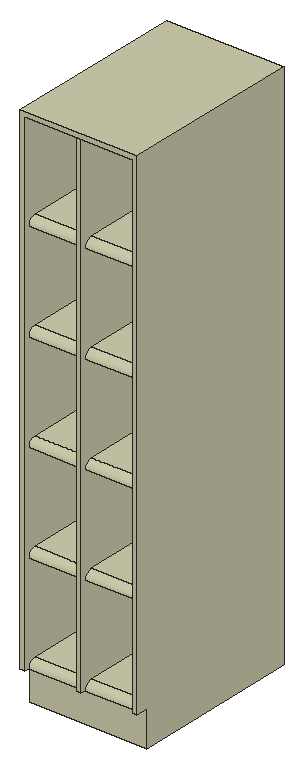
Revit family "Wenger Cabinet 23", category Furniture, Revit 2011
Parameters (values of type "Standard Cabinet #23")
  URL = "http://www.wengercorp.com/Home/Contact.html"
  Toekick Material [instance] = none
  RH End Panel [instance] = no
  Model = "23"
  Manufacturer = "Wenger Corporation"
  LH End Panel [instance] = no
  End Panel Material [instance] = none
  Edge Banding Material [instance] = none
  Door Material [instance] = none
  Description = "Standard Cabinet #23"
  Cabinet Width = 1' - 6 3/4"
  Cabinet Label = Labels : Standard
  Cabinet Height = 7' - 1 5/8"
  Cabinet Depth = 2' - 5 1/4"
  Cabinet Back Thickness = 0' - 0 3/4"
  Assembly Code = ""
Types (4): name | Model | Description | Cabinet Width | Cabinet Label | Cabinet Depth | Cabinet Back Thickness
  Standard Cabinet #23 | "23" | "Standard Cabinet #23" | 1' - 6 3/4" | Labels : Standard | 2' - 5 1/4" | 0' - 0 3/4"
  Acoustic Cabinet #23 | "23A" | "Acoustic Cabinet #23" | 1' - 6 3/4" | Labels : Acoustic | 2' - 7 3/4" | 0' - 3 1/4"
  Narrow Acoustic Cabinet #23 | "23NA" | "Narrow Acoustic Cabinet #23" | 1' - 2 3/4" | Labels : Narrow Acoustic | 2' - 7 3/4" | 0' - 3 1/4"
  Narrow Cabinet #23 | "23N" | "Narrow Cabinet #23" | 1' - 2 3/4" | Labels : Narrow | 2' - 5 1/4" | 0' - 0 3/4"
Reference planes (in)
  plane 1 "Front": y = 0
  plane 2: z = 0
  plane 3 "Left": x = 0
  plane 4 "Right": x = 18.75
  plane 5 "Back": y = 29.25
  plane 6 "Top": z = 85.625
  plane 7: z = 5.625
  plane 8: z = 21.475
  plane 9: z = 37.325
  plane 10: z = 53.175
  plane 11: z = 69.025
  plane 12: x = 0.75
  plane 13: x = 18
  plane 14: z = 84.875
  plane 15: x = 9
  plane 16: x = 9.75
  plane 17: y = 28.5
  plane 18: y = 2
  plane 19: y = 0.75
  plane 20: z = 22.6
  plane 21: z = 38.45
  plane 22: z = 54.3
  plane 23: z = 70.15
  plane 24: z = 6.75
Forms (in)
  Extrusion 1, solid, material "Wenger - Oyster"
    sketch origin (0, 0, 0) x (0, 1, 0) y (0, 0, 1)
      loop
        line (0, 85.625) -> (0, 5.625) -> (2, 5.625) -> (2, 0) -> (29.25, 0) -> (29.25, 85.625) -> (0, 85.625)
    from 0 to 18.75
  Extrusion 2, void
    sketch origin (0, 0, 0) x (0, 1, 0) y (0, 0, 1)
      loop
        line (-5.5, 84.875) -> (-5.5, 5.625) -> (0.75, 5.625)
        arc (0.75, 5.625) -> (1.18296, 6.40088) -> (2, 6.75) r 1.375
        line (2, 6.75) -> (28.5, 6.75) -> (28.5, 21.475) -> (0.75, 21.475)
        arc (0.75, 21.475) -> (1.18296, 22.25088) -> (2, 22.6) r 1.375
        line (2, 22.6) -> (28.5, 22.6) -> (28.5, 37.325) -> (0.75, 37.325)
        arc (0.75, 37.325) -> (1.18296, 38.10088) -> (2, 38.45) r 1.375
        line (2, 38.45) -> (28.5, 38.45) -> (28.5, 53.175) -> (0.75, 53.175)
        arc (0.75, 53.175) -> (1.18296, 53.95088) -> (2, 54.3) r 1.375
        line (2, 54.3) -> (28.5, 54.3) -> (28.5, 69.025) -> (0.75, 69.025)
        arc (0.75, 69.025) -> (1.18296, 69.80088) -> (2, 70.15) r 1.375
        line (2, 70.15) -> (28.5, 70.15) -> (28.5, 84.875) -> (-5.5, 84.875)
    from 0.75 to 9
  Extrusion 3, void
    sketch origin (0, 0, 0) x (0, 1, 0) y (0, 0, 1)
      loop
        line (-5.5, 84.875) -> (-5.5, 5.625) -> (0.75, 5.625)
        arc (0.75, 5.625) -> (1.18296, 6.40088) -> (2, 6.75) r 1.375
        line (2, 6.75) -> (28.5, 6.75) -> (28.5, 21.475) -> (0.75, 21.475)
        arc (0.75, 21.475) -> (1.18296, 22.25088) -> (2, 22.6) r 1.375
        line (2, 22.6) -> (28.5, 22.6) -> (28.5, 37.325) -> (0.75, 37.325)
        arc (0.75, 37.325) -> (1.18296, 38.10088) -> (2, 38.45) r 1.375
        line (2, 38.45) -> (28.5, 38.45) -> (28.5, 53.175) -> (0.75, 53.175)
        arc (0.75, 53.175) -> (1.18296, 53.95088) -> (2, 54.3) r 1.375
        line (2, 54.3) -> (28.5, 54.3) -> (28.5, 69.025) -> (0.75, 69.025)
        arc (0.75, 69.025) -> (1.18296, 69.80088) -> (2, 70.15) r 1.375
        line (2, 70.15) -> (28.5, 70.15) -> (28.5, 84.875) -> (-5.5, 84.875)
    from 9.75 to 18
  Extrusion 4, void
    sketch origin (0, 0, 0) x (0, 1, 0) y (0, 0, 1)
      loop
        line (0, 84.875) -> (0, 5.625) -> (0.0625, 5.625) -> (0.0625, 84.875) -> (0, 84.875)
    from 0.75 to 18
Cuts and joins
  Extrusion 2, Extrusion 3, Extrusion 4 cuts Extrusion 1
Lines and regions (in)
  symbolic lines
    curve 1: line (0, 29.25, 0) -> (18.75, 29.25, 0)
    curve 2: line (0, 0, 0) -> (0, 29.25, 0)
    curve 3: line (18.75, 0, 0) -> (0, 0, 0)
    curve 4: line (18.75, 29.25, 0) -> (18.75, 0, 0)
Text (in)
  text "01" at (13.28235, 0, 97.09414), in view "Front"
Dimensions and locks (in)
  locked: plane 3 "Left" to plane 12 at 0.75
  locked: plane 15 to plane 16 at 0.75
  locked: plane 13 to plane 4 "Right" at 0.75
  "Cabinet Back Thickness": plane 5 "Back" to plane 17
  locked: plane 1 "Front" to plane 19 at 0.75
  locked: plane 1 "Front" to plane 18 at 2
  locked: plane 20 to plane 8 at 1.125
  locked: plane 21 to plane 9 at 1.125
  locked: plane 22 to plane 10 at 1.125
  locked: plane 23 to plane 11 at 1.125
  locked: plane 6 "Top" to plane 14 at 0.75
  equal spacing: plane 14, plane 11, plane 10, plane 9, plane 8, plane 7
  locked: plane 24 to plane 7 at 1.125
  equal spacing: plane 13, plane 15, plane 3 "Left"
  "Cabinet Width": plane 3 "Left" to plane 4 "Right"
  locked: plane 7 to level at 5.625
  "Cabinet Height": plane 6 "Top" to level
  "Cabinet Depth": plane 1 "Front" to plane 5 "Back"
  plane 12 to plane 13 = 1' - 5 1/4"
  plane 14 to plane 7 = 6' - 7 1/4"
  aligned and locked: Extrusion 1 sketch curve to plane 6 "Top"
  aligned and locked: Extrusion 1 sketch curve to plane 5 "Back"
  aligned and locked: Extrusion 1 sketch curve to plane 1 "Front"
  aligned and locked: Extrusion 1 sketch curve to plane 7
  aligned and locked: Extrusion 1 sketch curve to plane 18
  aligned and locked: Extrusion 1 sketch curve to level
  aligned and locked: Extrusion 1 to plane 4 "Right"
  aligned and locked: Extrusion 1 to plane 3 "Left"
  aligned and locked: Extrusion 2 sketch curve to plane 14
  aligned and locked: Extrusion 2 sketch curve to plane 17
  aligned and locked: Extrusion 2 sketch curve to plane 11
  aligned and locked: Extrusion 2 sketch curve to plane 22
  aligned and locked: Extrusion 2 sketch curve to plane 10
  aligned and locked: Extrusion 2 sketch curve to plane 21
  aligned and locked: Extrusion 2 sketch curve to plane 9
  aligned and locked: Extrusion 2 sketch curve to plane 20
  aligned and locked: Extrusion 2 sketch curve to plane 8
  aligned and locked: Extrusion 2 sketch curve to plane 24
  aligned and locked: Extrusion 2 sketch curve to plane 23
  aligned and locked: Extrusion 2 to plane 12
  aligned and locked: plane 15 to Extrusion 2
  aligned and locked: Extrusion 3 to plane 13
  aligned and locked: Extrusion 4 sketch curve to cut or joined group of Extrusion 1, Extrusion 2, Extrusion 3, Extrusion 4  (x3)
  aligned and locked: Extrusion 4 to plane 13
  aligned and locked: Extrusion 4 to plane 12
  aligned and locked: plane 3 "Left" to curve 2
  aligned and locked: curve 1 to plane 5 "Back"
  aligned and locked: plane 4 "Right" to curve 4
  aligned and locked: curve 3 to plane 1 "Front"
  aligned and locked: Extrusion 3 to plane 16
Automatic sketch dimensions
  Extrusion 2 sketch curve to plane 7 = 0' - 0"
  Extrusion 2 sketch curve to plane 19 = 0' - 0"  (x5)
  Extrusion 2 sketch curve to plane 18 = 0' - 0"  (x5)
  Extrusion 2 sketch curve to plane 17 = 0' - 0"  (x4)
  plane 1 "Front" to Extrusion 2 sketch curve = 0' - 5 1/2"
  Extrusion 2 sketch curve to plane 18 = 0' - 0.10279"  (x5)
  Extrusion 3 sketch curve to plane 14 = 0' - 0"
  Extrusion 3 sketch curve to plane 7 = 0' - 0"
  Extrusion 3 sketch curve to plane 19 = 0' - 0"  (x5)
  Extrusion 3 sketch curve to plane 11 = 0' - 0"
  Extrusion 3 sketch curve to plane 8 = 0' - 0"
  Extrusion 3 sketch curve to plane 10 = 0' - 0"
  Extrusion 3 sketch curve to plane 9 = 0' - 0"
  Extrusion 3 sketch curve to plane 18 = 0' - 0"  (x5)
  Extrusion 3 sketch curve to plane 17 = 0' - 0"  (x5)
  Extrusion 3 sketch curve to plane 24 = 0' - 0"
  Extrusion 3 sketch curve to plane 20 = 0' - 0"
  Extrusion 3 sketch curve to plane 21 = 0' - 0"
  Extrusion 3 sketch curve to plane 22 = 0' - 0"
  Extrusion 3 sketch curve to plane 23 = 0' - 0"
  plane 1 "Front" to Extrusion 3 sketch curve = 0' - 5 1/2"
  Extrusion 3 sketch curve to plane 18 = 0' - 0.10279"  (x5)
  plane 19 to Extrusion 4 sketch curve = 0' - 0 11/16"
Nested families (in)
  nested 1: "LH End Panel" at (0, 14.25, 0) x (0, -1, 0) z (0, 0, 1), End Panel Material <- "End Panel Material", visible <- "LH End Panel", Edge Banding Material <- "Edge Banding Material", type "20x84 LH"
    with End Panel Material none, Edge Banding Material none, End Panel Depth 2' - 5 1/4"
  nested 2: "RH End Panel" at (19.5, 14.25, 0) x (0, -1, 0) z (0, 0, 1), End Panel Material <- "End Panel Material", visible <- "RH End Panel", Edge Banding Material <- "Edge Banding Material", type "20x84 RH"
    with End Panel Material none, Edge Banding Material none, End Panel Depth 2' - 5 1/4"
  nested 3: "Labels" at (7, 15.25, 0) x (0, 1, 0) z (0, 0, 1), type <- "Cabinet Label", type "Standard"
  nested 4: "Front Note" at (7.3893, 0.75, 0), type "Front Note", detail levels medium+fine
Definition of nested family "LH End Panel"
  Parameters (values of type "20x84 LH")
    End Panel Material [instance] = none
    End Panel Height = 7' - 1 5/8"
    End Panel Depth = 1' - 7 1/4"
    Edge Banding Material [instance] = none
    Default Elevation = 4' - 0"
    Assembly Code = ""
  Reference planes (in)
    plane 1 "Center (Front/Back)": y = 0
    plane 2: z = 0
    plane 3 "Center (Left/Right)": x = 0
    plane 4: x = -15
    plane 5: x = 4.25
    plane 6: z = 5.625
    plane 7: x = 2.25
    plane 8: z = 85.625
    plane 9: y = -0.75
  Forms (in)
    Extrusion 1, solid, material <- "End Panel Material"
      sketch origin (0, 0, 0) x (1, 0, 0) y (0, 0, 1)
        loop
          line (-15, 85.625) -> (-15, 0) -> (2.25, 0) -> (2.25, 5.625) -> (4.25, 5.625) -> (4.25, 85.625) -> (-15, 85.625)
      from 0 to 0.75
  Dimensions and locks (in)
    locked: plane 7 to plane 5 at 2
    locked: plane 6 to level at 5.625
    "End Panel Height": plane 8 to level
    "End Panel Depth": plane 5 to plane 4
    locked: plane 9 to plane 1 "Center (Front/Back)" at 0.75
    aligned and locked: plane 4 to Extrusion 1 sketch curve
    aligned and locked: level to Extrusion 1 sketch curve
    aligned and locked: plane 7 to Extrusion 1 sketch curve
    aligned and locked: plane 6 to Extrusion 1 sketch curve
    aligned and locked: Extrusion 1 sketch curve to plane 5
    aligned and locked: Extrusion 1 sketch curve to plane 8
    aligned and locked: Extrusion 1 to plane 9
    aligned and locked: Extrusion 1 to plane 1 "Center (Front/Back)"
Definition of nested family "RH End Panel"
  Parameters (values of type "20x84 RH")
    End Panel Material [instance] = none
    End Panel Height = 7' - 1 5/8"
    End Panel Depth = 1' - 7 1/4"
    Edge Banding Material [instance] = none
    Default Elevation = 4' - 0"
    Assembly Code = ""
  Reference planes (in)
    plane 1 "Center (Front/Back)": y = 0
    plane 2: z = 0
    plane 3 "Center (Left/Right)": x = 0
    plane 4: x = -15
    plane 5: x = 4.25
    plane 6: z = 5.625
    plane 7: x = 2.25
    plane 8: z = 85.625
    plane 9: y = -0.75
  Forms (in)
    Extrusion 1, solid, material <- "End Panel Material"
      sketch origin (0, 0, 0) x (1, 0, 0) y (0, 0, 1)
        loop
          line (-15, 85.625) -> (-15, 0) -> (2.25, 0) -> (2.25, 5.625) -> (4.25, 5.625) -> (4.25, 85.625) -> (-15, 85.625)
      from 0 to 0.75
  Dimensions and locks (in)
    locked: plane 7 to plane 5 at 2
    locked: plane 6 to level at 5.625
    "End Panel Height": plane 8 to level
    "End Panel Depth": plane 5 to plane 4
    locked: plane 9 to plane 1 "Center (Front/Back)" at 0.75
    aligned and locked: plane 4 to Extrusion 1 sketch curve
    aligned and locked: level to Extrusion 1 sketch curve
    aligned and locked: plane 7 to Extrusion 1 sketch curve
    aligned and locked: plane 6 to Extrusion 1 sketch curve
    aligned and locked: Extrusion 1 sketch curve to plane 5
    aligned and locked: Extrusion 1 sketch curve to plane 8
    aligned and locked: Extrusion 1 to plane 9
    aligned and locked: Extrusion 1 to plane 1 "Center (Front/Back)"
Definition of nested family "Labels"
  Parameters (values of type "Standard")
    Cabinet Label = "01"
  Types (4): name | Cabinet Label
    Standard | "01"
    Narrow | "01N"
    Narrow Acoustic | "01NA"
    Acoustic | "01A"
  Reference planes (in)
    plane 1: y = 0
    plane 2: x = 0
  Text (in)
    label "xxxx" at (-0.00018, 0.00754, 0), shows "Cabinet Label"
Definition of nested family "Front Note"
  Parameters (values of type "Front Note")
    Cabinet Label = "Front"
  Reference planes (in)
    plane 1: y = 0
    plane 2: x = 0
  Text (in)
    label "Front" at (-0.00018, 0.00754, 0), shows "Cabinet Label"
